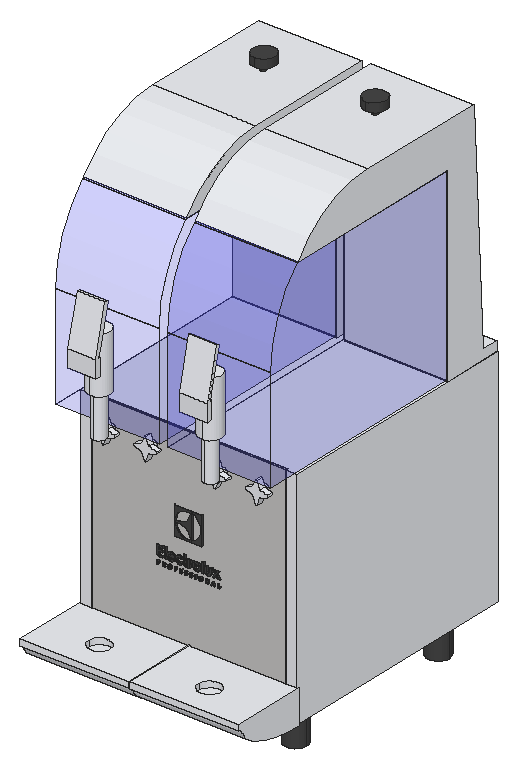
Revit family "QF_ELECTROLUXPROFESSIONAL_562506_IPRO2MLR290", category Attrezzature speciali, Revit 2020
Family settings
  Quota connettore circolare = Usa diametro
  Tipo di parte = Normale
  Basato su piano di lavoro = No
  Sempre verticale = Sì
  Taglio con vuoti quando caricato = No
  Condiviso = No
  Punto di calcolo locali = No
Parameters (values of type "Standard")
  Weight = 60.00 kg
  Watts = 790 W
  Volts = 220 V
  URL Manufacturer = "https://www.electroluxprofessional.com/"
  URL = "https://www.electroluxprofessional.com/"
  Steam Supply Size = 0 mm
  Steam Supply Minimum Pressure = 0.0 Pa
  Steam Supply Maximum Pressure = 0.0 Pa
  Steam Consumption per Hour = 0
  Show Logo [instance] = yes
  Show Clearance [instance] = yes
  Refrigeration Suction Line Size = 0 mm
  Refrigeration Liquid Line Size = 0 mm
  Refrigerant Compressor Remote = yes
  Prospetto di default = 0 mm
  Produttore = "Electrolux Professional"
  Phase = 1
  Modello = "IPRO2MLR290"
  Length Actual = 400 mm  # constant formula
  Item Number = "562506"
  Hot Water Size = 0 mm
  Height Actual = 870 mm  # constant formula
  HP = "1.1 HP"
  Gas Size = 0 mm
  Gas KW = 0
  Gas Input Pressure = 0 W
  Direct Waste Size = 0 mm
  Descrizione = "2X11 LT BOWL - FROZEN GRANITA DISPENSER - MECHANICAL CONTROL & LIGHTED PANEL  - 2 INSULATED BOWLS - WHITE, R290"
  Depth Actual = 580 mm  # constant formula
  Cycle = 50 Hz
  Condensate Return Size = 0 mm
  Compressed Air Volume = 0.0 L/s
  Compressed Air Size = 0 mm
  Compressed Air Pressure = 0.0 Pa
  Cold Water Size = 0 mm
  Accessory = yes
Reference planes
  plane 1: z = 0
  plane 2 "LEFT": x = -300
  plane 3 "BACK": y = 282.5
  plane 4 "FRONT": y = -301.5
  plane 5: z = 873
  plane 6 "RIGHT": x = 95
  plane 7: x = -102.5
  plane 8: y = -282.5
  plane 9: x = -202.5
  plane 10: x = -2.5
  plane 11: z = 445
  plane 12: z = 677.97
  plane 13: z = 110
  plane 14: z = 900
  plane 15: through (60, -104.25, 3830) normal (-0.7071, -0.7071, 0)
  plane 16: through (60, -84.25, 3830) normal (0.7071, -0.7071, 0)
Forms (mm)
  Extrusion 1, solid, material "QF_Finishes_White"
    sketch origin (0, 0, 0) x (1, 0, 0) y (0, 1, 0)
      loop
        line (-296.5, 282.5) -> (-296.5, -167.5) -> (-276.5, -167.5) -> (-276.5, -162.5) -> (71.5, -162.5) -> (71.5, -167.5) -> (91.5, -167.5) -> (91.5, 282.5) -> (-296.5, 282.5)
    from 50 to 453
  Extrusion 2, solid, material "QF_Finishes_Stainless Steel"
    sketch origin (0, 0, 0) x (1, 0, 0) y (0, 1, 0)
      loop
        line (71, -163) -> (-276, -163) -> (-276, -167.5) -> (71, -167.5) -> (71, -163)
    from 110 to 453
  Extrusion 3, solid, material "QF_Finishes_Stainless Steel"
    sketch origin (-367.596, -267.273, 48) x (0, -1, 0) y (1, 0, 0)
      loop
        line (-163.023, 407.596) -> (-163.023, 427.596) -> (-183.023, 427.596) -> (-183.023, 407.596) -> (-163.023, 407.596)
    from 0 to 2
Dimensions and locks
  plane 3 "BACK" to plane 4 "FRONT" = 584 mm  (x3)
  plane 5 to level = 873 mm  (x2)
  plane 2 "LEFT" to plane 6 "RIGHT" = 395 mm
  equal spacing: plane 2 "LEFT", plane 7, plane 6 "RIGHT"
  plane 3 "BACK" to plane 8 = 565 mm
  plane 10 to plane 9 = 200 mm
  plane 12 to plane 11 = 232.97 mm
  level to plane 14 = 900 mm
  plane 13 to level = 110 mm
  plane 11 to plane 13 = 335 mm
  plane 6 "RIGHT" to plane 2 "LEFT" = 395 mm
  aligned and locked: level to plane 1
Automatic sketch dimensions
  Extrusion 1 sketch curve to plane 3 "BACK" = 0 mm
  plane 2 "LEFT" to Extrusion 1 sketch curve = 3.5 mm
  Extrusion 1 sketch curve to Extrusion 1 sketch curve = 20 mm
  Extrusion 1 sketch curve to plane 6 "RIGHT" = 23.5 mm
  Extrusion 1 sketch curve to plane 6 "RIGHT" = 3.5 mm
  Extrusion 1 sketch curve to plane 8 = 120 mm
  Extrusion 1 sketch curve to Extrusion 1 sketch curve = 5 mm  (x2)
  plane 2 "LEFT" to Extrusion 2 sketch curve = 24 mm
  Extrusion 2 sketch curve to plane 6 "RIGHT" = 24 mm
  Extrusion 2 sketch curve to plane 8 = 115 mm
  Extrusion 2 sketch curve to Extrusion 2 sketch curve = 4.5 mm
  Extrusion 3 sketch curve to plane 15 = 0 mm
  plane 16 to Extrusion 3 sketch curve = 0 mm
  Extrusion 3 sketch curve to plane 16 = 0 mm
  plane 10 to Extrusion 3 sketch curve = 42.5 mm
Nested families
  nested 1: "BOCCHETTONE BEVERAGE" at (-202.5, -260.625, 445), type "BOCCHETTONE BEVERAGE"
  nested 2: "BOCCHETTONE BEVERAGE" at (-2.5, -260.625, 445), type "BOCCHETTONE BEVERAGE"
  nested 3: "MANOPOLA BEVERAGE" at (-240, -167.5, 413) x (0, 0, 1) z (0, -1, 0), type "MANOPOLA BEVERAGE"
  nested 4: "MANOPOLA BEVERAGE" at (-165, -167.5, 413) x (0, 0, 1) z (0, -1, 0), type "MANOPOLA BEVERAGE"
  nested 5: "MANOPOLA BEVERAGE" at (35, -167.5, 413) x (0, 0, 1) z (0, -1, 0), type "MANOPOLA BEVERAGE"
  nested 6: "MANOPOLA BEVERAGE" at (-40, -167.5, 413) x (0, 0, 1) z (0, -1, 0), type "MANOPOLA BEVERAGE"
  nested 7: "MANOPOLA APERTURA BEVERAGE " at (-202.5, 125, 873) x (0, 1, 0) z (0, 0, 1), type "MANOPOLA APERTURA BEVERAGE "
  nested 8: "MANOPOLA APERTURA BEVERAGE " at (-2.5, 125, 873) x (0, 1, 0) z (0, 0, 1), type "MANOPOLA APERTURA BEVERAGE "
  nested 9: "ELXP_LOGO_ONLY_MEDIUM" at (-102.5, -167.5, 303) x (1, 0, 0) z (0, -1, 0), Show Logo <- "Show Logo", visible <- "Show Logo", type "ELXP_LOGO_ONLY_MEDIUM"
    with Show Logo yes
  nested 10: "ELX_LOGO_WORDS_MEDIUM" at (-102.5, -167.5, 238) x (1, 0, 0) z (0, -1, 0), visible <- "Show Logo", Show Logo <- "Show Logo", type "ELX_LOGO_WORDS_MEDIUM"
    with Show Logo yes
  nested 11: "VASCHETTA BEVERAGE" at (-201.25, -167.5, 80) x (1, 0, 0) z (0, -1, 0), type "VASCHETTA BEVERAGE"
  nested 12: "VASCHETTA BEVERAGE" at (-3.75, -167.5, 80) x (-1, 0, 0) z (0, -1, 0), type "VASCHETTA BEVERAGE"
  nested 13: "PORTAGRANITE BEVERAGE" at (-202.5, 28.972, 453), type "PORTAGRANITE BEVERAGE"
  nested 14: "PORTAGRANITE BEVERAGE" at (-2.5, 28.972, 453) x (-1, 0, 0) z (0, 0, 1), type "PORTAGRANITE BEVERAGE"
  nested 15: "Piedino 50x40 BEVERAGE" at (-268.5, 184.5, 0), type "Piedino 50x40 BEVERAGE"
    with H 150 mm
  nested 16: "Piedino 50x40 BEVERAGE" at (-268.5, -135.5, 0), type "Piedino 50x40 BEVERAGE"
    with H 150 mm
  nested 17: "Piedino 50x40 BEVERAGE" at (63.5, 184.5, 0) x (-1, 0, 0) z (0, 0, 1), type "Piedino 50x40 BEVERAGE"
    with H 150 mm
  nested 18: "Piedino 50x40 BEVERAGE" at (63.5, -135.5, 0) x (-1, 0, 0) z (0, 0, 1), type "Piedino 50x40 BEVERAGE"
    with H 150 mm
Connectors
  electrical at (50, -94.25, 48), driven by "Volts"
    settings: on Extrusion 3, index 72, voltage 220 V, apparent load 0 VA, apparent load phase1 0 VA, apparent load phase2 0 VA, apparent load phase3 0 VA, power factor 1, load classification "Altro", number of poles 1, system type 30, power factor state 1, is connector primary yes, connector utility no, sub classification motor no, connector description "Electrical Connection"
Definition of nested family "BOCCHETTONE BEVERAGE"
  Parameters (values of type "BOCCHETTONE BEVERAGE")
    Default Elevation = 1219.2 mm
  Reference planes
    plane 1 "Centro (Fronte/Retro)": y = 0
    plane 2: z = 0
    plane 3 "Centro (Sinistra/Destra)": x = 0
    plane 4: z = 233
    plane 5: y = -22
  Forms (mm)
    Extrusion 1, solid
      sketch origin (0, 0, 0) x (1, 0, 0) y (0, 1, 0)
        loop
          line (-1219.2, 1219.2) -> (-1219.2, -1219.2) -> (1219.2, -1219.2) -> (1219.2, 1219.2) -> (-1219.2, 1219.2)
      from 0 to -304.8
    Extrusion 2, solid
      sketch origin (0, 15.961, 0) x (0, -1, 0) y (1, 0, 0)
        loop
          circle (0, 0) r 12
      from 0 to 75
    Extrusion 3, solid
      sketch origin (0, 15.961, 75) x (0, -1, 0) y (1, 0, 0)
        loop
          circle (0, 0) r 20
      from 0 to 100
    Extrusion 4, void
      sketch origin (0, 0, 0) x (1, 0, 0) y (0, 1, 0)
        loop
          line (-27.179, -16.141) -> (-21.226, -10.188) -> (-6.226, -10.188) -> (-6.226, 12.684) -> (-27.179, 12.684) -> (-27.179, -16.141)
        loop
          line (27.179, -16.141) -> (27.179, 12.684) -> (6.226, 12.684) -> (6.226, -10.188) -> (21.226, -10.188) -> (27.179, -16.141)
      from 104.337 to 159.894
    Extrusion 5, solid
      sketch origin (25, 15.961, 29.221) x (0, -1, 0) y (0, 0, 1)
        loop
          line (11.922, 118.779) -> (11.922, 88.779) -> (37.961, 88.779) -> (37.961, 119.393) -> (16.929, 203.749) -> (12.077, 202.539) -> (32.961, 118.779) -> (11.922, 118.779)
      from 0 to 50
  Cuts and joins
    Extrusion 4 cuts Extrusion 5
    joined: Extrusion 3, Extrusion 5
  Dimensions and locks
    Extrusion 1 to plane 4 = 233 mm
    aligned and locked: plane 2 to Extrusion 1
    aligned and locked: level to Extrusion 1
Definition of nested family "MANOPOLA BEVERAGE"
  Parameters (values of type "MANOPOLA BEVERAGE")
    Default Elevation = 1219.2 mm
  Reference planes
    plane 1 "Centro (Fronte/Retro)": y = 0
    plane 2: z = 0
    plane 3 "Centro (Sinistra/Destra)": x = 0
    plane 4: z = 20
  Forms (mm)
    Extrusion 1, solid
      sketch origin (0, 0, 0) x (1, 0, 0) y (0, 1, 0)
        loop
          line (-1219.2, 1219.2) -> (-1219.2, -1219.2) -> (1219.2, -1219.2) -> (1219.2, 1219.2) -> (-1219.2, 1219.2)
      from 0 to -304.8
    Extrusion 2, solid
      sketch origin (0, 0, 10) x (1, 0, 0) y (0, 1, 0)
        loop
          line (-20, -1.333) -> (-6.314, -6.314) -> (-1.333, -20) -> (1.333, -20) -> (6.314, -6.314) -> (20, -1.333) -> (20, 1.333) -> (6.314, 6.314) -> (1.333, 20) -> (-1.333, 20) -> (-6.314, 6.314) -> (-20, 1.333) -> (-20, -1.333)
      from 0 to 10
    Extrusion 3, solid
      sketch origin (0, 0, 0) x (1, 0, 0) y (0, 1, 0)
        loop
          circle (0, 0) r 5
      from 0 to 10
  Dimensions and locks
    aligned and locked: plane 2 to Extrusion 1
    aligned and locked: level to Extrusion 1
Definition of nested family "MANOPOLA APERTURA BEVERAGE "
  Parameters (values of type "MANOPOLA APERTURA BEVERAGE ")
    Default Elevation = 1219.2 mm
  Reference planes
    plane 1 "Centro (Fronte/Retro)": y = 0
    plane 2: z = 0
    plane 3 "Centro (Sinistra/Destra)": x = 0
    plane 4: z = 27
  Forms (mm)
    Extrusion 1, solid
      sketch origin (0, 0, 0) x (1, 0, 0) y (0, 1, 0)
        loop
          line (-1219.2, 1219.2) -> (-1219.2, -1219.2) -> (1219.2, -1219.2) -> (1219.2, 1219.2) -> (-1219.2, 1219.2)
      from 0 to -304.8
    Extrusion 2, solid
      sketch origin (0, 0, 0) x (1, 0, 0) y (0, 1, 0)
        loop
          circle (0, 0) r 5
      from 0 to 12
    Extrusion 3, solid
      sketch origin (0, 0, 12) x (1, 0, 0) y (0, 1, 0)
        loop
          circle (0, 0) r 20
      from 0 to 15
  Dimensions and locks
    Extrusion 1 to plane 4 = 27 mm
    aligned and locked: plane 2 to Extrusion 1
    aligned and locked: level to Extrusion 1
Definition of nested family "ELXP_LOGO_ONLY_MEDIUM"
  Parameters (values of type "ELXP_LOGO_ONLY_MEDIUM")
    Show Logo [instance] = yes
    Default Elevation = 0 mm
  Reference planes
    plane 1 "Centro (Fronte/Retro)": y = 0
    plane 2: z = 0
    plane 3 "Centro (Sinistra/Destra)": x = 0
  Forms (mm)
    Extrusion 1, solid
      sketch origin (0, 0, 0) x (1, 0, 0) y (0, 1, 0)
        loop
          line (-1219.2, 1219.2) -> (-1219.2, -1219.2) -> (1219.2, -1219.2) -> (1219.2, 1219.2) -> (-1219.2, 1219.2)
      from 0 to -304.8
    Extrusion 2, solid, visible <- "Show Logo"
      sketch origin (15.862, -72.798, 0) x (1, 0, 0) y (0, 1, 0)
        loop
          line (-40.901, 47.952) -> (9.138, 47.952) -> (9.138, 97.923) -> (-40.901, 97.923) -> (-40.901, 47.952)
        loop
          line (-9.2, 95.47) -> (-9.2, 50.507)
          arc (-9.2, 50.507) -> (7.421, 72.988) -> (-9.2, 95.47) r 23.515
        loop
          line (-11.486, 92.214) -> (-11.486, 95.47)
          arc (-11.486, 95.47) -> (-30.185, 91.22) -> (-39.194, 74.292) r 23.044
          line (-39.194, 74.292) -> (-31.756, 74.292)
          arc (-31.756, 74.292) -> (-18.467, 79.686) -> (-11.486, 92.214) r 21.599
        loop
          arc (-39.194, 71.685) -> (-30.2, 54.618) -> (-11.486, 49.93) r 23.647
          line (-11.486, 49.93) -> (-11.486, 53.763)
          arc (-11.486, 53.763) -> (-18.467, 66.291) -> (-31.756, 71.685) r 21.599
          line (-31.756, 71.685) -> (-39.194, 71.685)
      from 0 to 1.644
  Dimensions and locks
    aligned and locked: plane 2 to Extrusion 1
    aligned and locked: level to Extrusion 1
Definition of nested family "ELX_LOGO_WORDS_MEDIUM"
  Parameters (values of type "ELX_LOGO_WORDS_MEDIUM")
    Show Logo [instance] = yes
    Default Elevation = 0 mm
  Reference planes
    plane 1 "Centro (Fronte/Retro)": y = 0
    plane 2: z = 0
    plane 3 "Centro (Sinistra/Destra)": x = 0
  Forms (mm)
    Extrusion 1, solid
      sketch origin (0, 0, 0) x (1, 0, 0) y (0, 1, 0)
        loop
          line (-1219.2, 1219.2) -> (-1219.2, -1219.2) -> (1219.2, -1219.2) -> (1219.2, 1219.2) -> (-1219.2, 1219.2)
      from 0 to -304.8
    Extrusion 2, solid, visible <- "Show Logo"
      sketch origin (0, 0, 0) x (1, 0, 0) y (0, 1, 0)
        loop
          line (-45.351, 15.842) -> (-56.505, 15.842) -> (-56.505, 2.853)
          arc (-56.505, 2.853) -> (-55.037, -0.691) -> (-51.493, -2.159) r 5.012
          line (-51.493, -2.159) -> (-45.135, -2.159) -> (-45.135, 0.755) -> (-50.767, 0.755)
          arc (-50.767, 0.755) -> (-52.618, 1.38) -> (-53.406, 3.168) r 2.423
          line (-53.406, 3.168) -> (-53.406, 5.743) -> (-45.833, 5.743) -> (-45.833, 8.668) -> (-53.406, 8.668) -> (-53.406, 12.925) -> (-45.351, 12.925) -> (-45.351, 15.842)
        loop
          line (-42.933, 15.842) -> (-42.933, -2.159) -> (-39.832, -2.159) -> (-39.832, 15.842) -> (-42.933, 15.842)
        loop
          line (24.405, 15.842) -> (24.405, -2.159) -> (27.508, -2.159) -> (27.508, 15.842) -> (24.405, 15.842)
        loop
          line (-34.705, 3.589) -> (-24.531, 3.589)
          arc (-24.531, 3.589) -> (-26.123, 9.178) -> (-31.565, 11.217) r 6.447
          arc (-31.565, 11.217) -> (-36.358, 8.786) -> (-37.726, 3.589) r 6.56
          arc (-37.726, 3.589) -> (-35.926, -0.757) -> (-31.58, -2.557) r 6.146
          arc (-31.58, -2.557) -> (-28.198, -2.058) -> (-25.362, -0.149) r 7.726
          line (-25.362, -0.149) -> (-27.199, 1.688)
          arc (-27.199, 1.688) -> (-29.61, 0.242) -> (-32.411, 0.485) r 4.558
          arc (-32.411, 0.485) -> (-34.119, 1.622) -> (-34.705, 3.589) r 3.019
        loop
          line (-34.628, 5.769) -> (-27.646, 5.769)
          arc (-27.646, 5.769) -> (-28.626, 7.83) -> (-30.779, 8.59) r 2.974
          arc (-30.779, 8.59) -> (-33.263, 7.943) -> (-34.628, 5.769) r 3.481
        loop
          line (-12.445, 7.067) -> (-10.499, 9.013)
          arc (-10.499, 9.013) -> (-12.94, 10.78) -> (-15.907, 11.309) r 6.746
          arc (-15.907, 11.309) -> (-20.432, 9.655) -> (-22.806, 5.463) r 6.977
          arc (-22.806, 5.463) -> (-18.803, -1.885) -> (-10.608, -0.191) r 7.026
          line (-10.608, -0.191) -> (-12.544, 1.745)
          arc (-12.544, 1.745) -> (-16.723, 0.362) -> (-19.717, 3.589) r 4.071
          arc (-19.717, 3.589) -> (-19.509, 6.14) -> (-17.752, 8.002) r 3.867
          arc (-17.752, 8.002) -> (-14.941, 8.431) -> (-12.445, 7.067) r 4.442
        loop
          line (-8.594, 15.842) -> (-8.594, 3.541)
          arc (-8.594, 3.541) -> (-8.326, 1.695) -> (-7.635, -0.038) r 7.951
          arc (-7.635, -0.038) -> (-5.422, -1.797) -> (-2.62, -2.167) r 5.297
          line (-2.62, -2.167) -> (-2.62, 0.738)
          arc (-2.62, 0.738) -> (-3.453, 0.802) -> (-4.23, 1.109) r 2.792
          arc (-4.23, 1.109) -> (-5.227, 2.163) -> (-5.494, 3.589) r 2.57
          line (-5.494, 3.589) -> (-5.494, 8.043) -> (-2.678, 8.043) -> (-2.678, 10.86) -> (-5.494, 10.86) -> (-5.494, 15.842) -> (-8.594, 15.842)
        loop
          arc (3.006, 4.684) -> (3.228, 5.982) -> (3.868, 7.133) r 3.911
          arc (3.868, 7.133) -> (5.725, 8.086) -> (7.812, 8.043) r 4.26
          line (7.812, 8.043) -> (7.812, 11.023)
          arc (7.812, 11.023) -> (5.085, 10.766) -> (3.006, 8.983) r 4.524
          line (3.006, 8.983) -> (3.006, 10.86) -> (-0.069, 10.86) -> (-0.069, -2.159) -> (3.006, -2.159) -> (3.006, 4.684)
        loop
          circle (15.393, 4.348) r 6.899
        loop
          circle (15.393, 4.348) r 4.181
        loop
          arc (38.69, 3.262) -> (37.924, 1.158) -> (35.848, 0.319) r 2.752
          arc (35.848, 0.319) -> (33.771, 1.158) -> (33.005, 3.262) r 2.752
          line (33.005, 3.262) -> (33.005, 10.859) -> (29.879, 10.859) -> (29.879, 3.004)
          arc (29.879, 3.004) -> (31.658, -1.052) -> (35.848, -2.489) r 5.512
          arc (35.848, -2.489) -> (40.084, -1.008) -> (41.815, 3.132) r 5.512
          line (41.815, 3.132) -> (41.815, 10.859) -> (38.69, 10.859) -> (38.69, 3.262)
        loop
          line (43.689, 10.859) -> (48.192, 4.746) -> (43.245, -2.164) -> (46.578, -2.164) -> (49.861, 2.422) -> (53.193, -2.164) -> (56.505, -2.164) -> (51.629, 4.817) -> (56.087, 10.859) -> (52.703, 10.859) -> (49.851, 6.995) -> (47.043, 10.859) -> (43.689, 10.859)
        loop
          line (-53.813, -9.621) -> (-56.285, -9.621) -> (-56.285, -15.847) -> (-54.932, -15.847) -> (-54.932, -13.703) -> (-53.437, -13.703)
          arc (-53.437, -13.703) -> (-51.764, -11.49) -> (-53.813, -9.621) r 2.058
        loop
          arc (-53.496, -12.48) -> (-52.984, -11.679) -> (-53.496, -10.879) r 0.881
          line (-53.496, -10.879) -> (-54.932, -10.879) -> (-54.932, -12.48) -> (-53.496, -12.48)
        loop
          line (-44.045, -9.621) -> (-46.56, -9.621) -> (-46.56, -15.847) -> (-45.207, -15.847) -> (-45.207, -13.703) -> (-43.898, -13.703) -> (-43.003, -15.847) -> (-41.55, -15.847) -> (-42.774, -13.222)
          arc (-42.774, -13.222) -> (-42.188, -12.521) -> (-41.991, -11.628) r 1.922
          arc (-41.991, -11.628) -> (-42.609, -10.206) -> (-44.045, -9.621) r 2.055
        loop
          line (-45.207, -10.879) -> (-45.207, -12.48) -> (-43.771, -12.48)
          arc (-43.771, -12.48) -> (-43.258, -11.679) -> (-43.771, -10.879) r 0.881
          line (-43.771, -10.879) -> (-45.207, -10.879)
        loop
          circle (-33.602, -12.734) r 3.233
        loop
          circle (-33.602, -12.734) r 2.052
        loop
          line (-25.054, -9.622) -> (-25.054, -15.847) -> (-23.734, -15.847) -> (-23.734, -13.671) -> (-21.392, -13.671) -> (-21.392, -12.276) -> (-23.734, -12.276) -> (-23.734, -10.963) -> (-21.167, -10.963) -> (-21.167, -9.622) -> (-25.054, -9.622)
        loop
          line (-15.917, -9.622) -> (-15.917, -13.825)
          arc (-15.917, -13.825) -> (-15.343, -15.249) -> (-13.926, -15.842) r 1.991
          line (-13.926, -15.842) -> (-11.917, -15.842) -> (-11.917, -14.666) -> (-13.806, -14.666)
          arc (-13.806, -14.666) -> (-14.501, -14.091) -> (-14.638, -13.198) r 1.267
          line (-14.638, -13.198) -> (-12.15, -13.198) -> (-12.15, -12.023) -> (-14.638, -12.023) -> (-14.638, -10.797) -> (-11.977, -10.797) -> (-11.977, -9.622) -> (-15.917, -9.622)
        loop
          arc (6.626, -10.41) -> (5.801, -9.733) -> (4.757, -9.518) r 2.228
          arc (4.757, -9.518) -> (3.792, -9.755) -> (2.999, -10.352) r 2.468
          arc (2.999, -10.352) -> (2.853, -11.766) -> (3.765, -12.856) r 1.825
          arc (3.765, -12.856) -> (4.531, -13.112) -> (5.259, -13.464) r 6.301
          arc (5.259, -13.464) -> (5.719, -14.005) -> (5.402, -14.641) r 0.645
          arc (5.402, -14.641) -> (4.814, -14.78) -> (4.228, -14.631) r 1.269
          arc (4.228, -14.631) -> (3.722, -14.266) -> (3.412, -13.725) r 1.474
          line (3.412, -13.725) -> (2.324, -14.233)
          arc (2.324, -14.233) -> (2.716, -14.99) -> (3.348, -15.561) r 2.393
          arc (3.348, -15.561) -> (4.065, -15.867) -> (4.841, -15.945) r 2.579
          arc (4.841, -15.945) -> (5.8, -15.754) -> (6.664, -15.295) r 3.369
          arc (6.664, -15.295) -> (7.045, -14.28) -> (6.848, -13.214) r 2.023
          arc (6.848, -13.214) -> (6.423, -12.723) -> (5.879, -12.368) r 2.346
          arc (5.879, -12.368) -> (5.19, -12.061) -> (4.485, -11.796) r 12.353
          arc (4.485, -11.796) -> (4.077, -11.162) -> (4.666, -10.692) r 0.562
          arc (4.666, -10.692) -> (5.372, -10.862) -> (5.915, -11.344) r 1.497
          line (5.915, -11.344) -> (6.626, -10.41)
        loop
          line (12.337, -9.622) -> (12.337, -15.842) -> (13.616, -15.842) -> (13.616, -9.622) -> (12.337, -9.622)
        loop
          circle (22.24, -12.732) r 1.935
        loop
          circle (22.24, -12.732) r 3.231
        loop
          line (30.821, -15.842) -> (32.114, -15.842) -> (32.114, -11.931) -> (34.96, -15.842) -> (36.203, -15.842) -> (36.203, -9.622) -> (34.911, -9.622) -> (34.911, -13.651) -> (32.065, -9.622) -> (30.821, -9.622) -> (30.821, -15.842)
        loop
          line (42.652, -15.842) -> (43.258, -14.5) -> (45.559, -14.5) -> (46.165, -15.842) -> (47.54, -15.842) -> (44.912, -9.622) -> (43.712, -9.622) -> (41.279, -15.842) -> (42.652, -15.842)
        loop
          line (44.985, -13.224) -> (44.369, -11.857) -> (43.77, -13.224) -> (44.985, -13.224)
        loop
          line (53.893, -14.666) -> (53.893, -9.622) -> (52.614, -9.622) -> (52.614, -15.842) -> (56.285, -15.842) -> (56.285, -14.666) -> (53.893, -14.666)
        loop
          arc (-2.701, -10.41) -> (-3.525, -9.733) -> (-4.57, -9.518) r 2.228
          arc (-4.57, -9.518) -> (-5.534, -9.755) -> (-6.327, -10.352) r 2.468
          arc (-6.327, -10.352) -> (-6.473, -11.766) -> (-5.562, -12.856) r 1.825
          arc (-5.562, -12.856) -> (-4.795, -13.112) -> (-4.067, -13.464) r 6.301
          arc (-4.067, -13.464) -> (-3.608, -14.005) -> (-3.924, -14.641) r 0.645
          arc (-3.924, -14.641) -> (-4.512, -14.78) -> (-5.098, -14.631) r 1.269
          arc (-5.098, -14.631) -> (-5.604, -14.266) -> (-5.914, -13.725) r 1.474
          line (-5.914, -13.725) -> (-7.002, -14.233)
          arc (-7.002, -14.233) -> (-6.61, -14.99) -> (-5.978, -15.561) r 2.393
          arc (-5.978, -15.561) -> (-5.261, -15.867) -> (-4.485, -15.945) r 2.579
          arc (-4.485, -15.945) -> (-3.526, -15.754) -> (-2.663, -15.295) r 3.369
          arc (-2.663, -15.295) -> (-2.281, -14.28) -> (-2.478, -13.214) r 2.023
          arc (-2.478, -13.214) -> (-2.903, -12.723) -> (-3.448, -12.368) r 2.346
          arc (-3.448, -12.368) -> (-4.136, -12.061) -> (-4.842, -11.796) r 12.353
          arc (-4.842, -11.796) -> (-5.249, -11.162) -> (-4.66, -10.692) r 0.562
          arc (-4.66, -10.692) -> (-3.954, -10.862) -> (-3.412, -11.344) r 1.497
          line (-3.412, -11.344) -> (-2.701, -10.41)
      from 0 to 1.644
  Dimensions and locks
    aligned and locked: plane 2 to Extrusion 1
    aligned and locked: level to Extrusion 1
Definition of nested family "VASCHETTA BEVERAGE"
  Parameters (values of type "VASCHETTA BEVERAGE")
    Default Elevation = 1219.2 mm
  Reference planes
    plane 1 "Centro (Fronte/Retro)": y = 0
    plane 2: z = 0
    plane 3 "Centro (Sinistra/Destra)": x = 0
  Forms (mm)
    Extrusion 1, solid
      sketch origin (0, 0, 0) x (1, 0, 0) y (0, 1, 0)
        loop
          line (-1219.2, 1219.2) -> (-1219.2, -1219.2) -> (1219.2, -1219.2) -> (1219.2, 1219.2) -> (-1219.2, 1219.2)
      from 0 to -304.8
    Extrusion 2, solid
      sketch origin (-97.5, -80, -167.5) x (0, 0, -1) y (0, 1, 0)
        loop
          line (-167.5, 110) -> (-301.5, 110) -> (-301.5, 100) -> (-296.403, 100)
          spline (-296.403, 100) -> (-294.717, 93.399) -> (-290.961, 86.937) -> (-285.195, 80.722) -> (-277.513, 74.853) -> (-268.041, 69.426) -> (-256.932, 64.529) -> (-244.367, 60.243) -> (-230.551, 56.637) -> (-215.709, 53.769) -> (-200.082, 51.686) -> (-183.925, 50.423) -> (-167.5, 50)
          line (-167.5, 50) -> (-167.5, 110)
      from 0 to 195
    Extrusion 3, void
      sketch origin (202.5, -80, -167.5) x (1, 0, 0) y (0, 0, -1)
        loop
          circle (-202.5, -244.664) r 20
      from 100 to 110
  Cuts and joins
    Extrusion 3 cuts Extrusion 2
  Dimensions and locks
    aligned and locked: plane 2 to Extrusion 1
    aligned and locked: level to Extrusion 1
Definition of nested family "PORTAGRANITE BEVERAGE"
  Parameters (values of type "PORTAGRANITE BEVERAGE")
    Default Elevation = 1219.2 mm
  Reference planes
    plane 1 "Centro (Fronte/Retro)": y = 0
    plane 2: z = 0
    plane 3 "Centro (Sinistra/Destra)": x = 0
    plane 4: z = 233
    plane 5: y = -36.472
    plane 6: z = 338
  Forms (mm)
    Extrusion 1, solid
      sketch origin (0, 0, 0) x (1, 0, 0) y (0, 1, 0)
        loop
          line (-1219.2, 1219.2) -> (-1219.2, -1219.2) -> (1219.2, -1219.2) -> (1219.2, 1219.2) -> (-1219.2, 1219.2)
      from 0 to -304.8
    Extrusion 2, solid
      sketch origin (-92.5, -28.972, -376) x (0, 1, 0) y (0, 0, 1)
        loop
          line (172.5, 716) -> (172.5, 376) -> (282.5, 376) -> (282.5, 393) -> (251.241, 393) -> (230.12, 796) -> (-7.5, 796)
          arc (-7.5, 796) -> (-94.678, 774.819) -> (-162.419, 716) r 190
          line (-162.419, 716) -> (172.5, 716)
      from 0 to 185
    Extrusion 3, solid
      sketch origin (-100, -28.972, -376) x (0, 1, 0) y (0, 0, 1)
        loop
          line (170.5, 378) -> (170.5, 714) -> (-164.355, 714)
          arc (-164.355, 714) -> (-209.023, 644.734) -> (-224.664, 563.812) r 217.164
          line (-224.664, 563.812) -> (-224.664, 378) -> (170.5, 378)
      from 7.5 to 192.5
  Dimensions and locks
    Extrusion 1 to plane 4 = 233 mm
    aligned and locked: plane 2 to Extrusion 1
    aligned and locked: level to Extrusion 1
Definition of nested family "Piedino 50x40 BEVERAGE"
  Parameters (values of type "Piedino 50x40 BEVERAGE")
    Default Elevation = 0 mm
    H [instance] = 150 mm
  Reference planes
    plane 1 "Centro (Fronte/Retro)": y = 0
    plane 2: z = 0
    plane 3 "Centro (Sinistra/Destra)": x = 0
  Forms (mm)
    Revolve 1, solid
      sketch origin (55, 0, 0) x (-1, 0, 0) y (0, 0, -1)
        loop
          line (55, 0) -> (35, 0) -> (35, -50) -> (55, -50) -> (55, 0)
        axis (55, 0) -> (55, -50)
      angle from 0 to 360
  Dimensions and locks
    aligned and locked: level to plane 2
